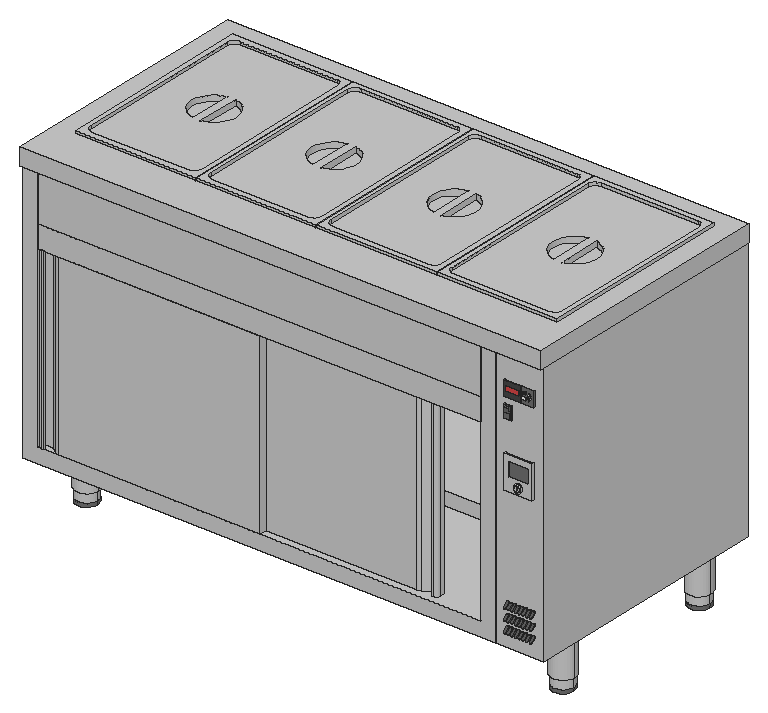
Revit family "QF_INOMAK_MDV714_250604031901", category Specialty Equipment, Revit 2021
Family settings
  Round Connector Dimension = Use Diameter
  Part Type = Normal
  OmniClass Number = 23.40.40.14
  OmniClass Title = Food Service Equipment
  Work Plane-Based = No
  Always vertical = Yes
  Cut with Voids When Loaded = No
  Shared = No
  Room Calculation Point = No
Parameters (values of type "MDV714")
  Weight [instance] = 60.00 kg
  Waste Water Discharge Temperature [instance] = 0 °C
  Waste Remarks [instance] = ""
  Warranty Start Date [instance] = ""
  Warranty Duration [instance] = ""
  Volts [instance] = 230 V
  Volt Free Conn [instance] = no
  URL Recommended Spares List [instance] = ""
  URL Manufacturer [instance] = ""
  URL Cutsheet [instance] = ""
  URL Critical Spares List [instance] = ""
  URL = "www.inomak.com"
  Technical Documentation [instance] = ""
  Tag Number [instance] = ""
  Status [instance] = ""
  Start Up Current [instance] = 0 A
  Specification by User [instance] = ""
  Specification by Manufacturer [instance] = ""
  Sound Level [instance] = ""
  Show Logo [instance] = yes
  Show Clearances [instance] = yes
  Service Life Duration [instance] = ""
  Serial Number [instance] = ""
  Seismic Rating [instance] = ""
  SMACNA No [instance] = ""
  Revision Code [instance] = ""
  Revision [instance] = ""
  Production Year [instance] = ""
  Potential Equalisation [instance] = no
  Point Load [instance] = 0
  Plumbing Remarks [instance] = ""
  Plumbing Connection Type [instance] = ""
  Phase [instance] = 1
  Other Equipment Approvals [instance] = ""
  Operational Current [instance] = 0 A
  Odor Trap Included [instance] = no
  Number of Poles [instance] = 2
  No Load Power Draw [instance] = no
  National Water Regulation Certification [instance] = no
  NAFEM Spec ID Number [instance] = ""
  Model Warning [instance] = ""
  Model = "MDV714"
  Min Ckt Ampacity [instance] = 0 A
  Max Overcurrent Protection [instance] = 10 A
  Masterspec [instance] = ""
  Manufacturer = "INOMAK"
  Main switch integrated [instance] = no
  Length Actual [instance] = 1406 mm
  Item Number [instance] = ""
  Installed By [instance] = ""
  Installation Date [instance] = ""
  Indirect Waste Size [instance] = 25.4 mm
  Indirect Waste Remarks [instance] = ""
  Indirect Waste Flow [instance] = 0.0 L/s
  Indirect Waste Connection Type [instance] = ""
  Indirect Waste Connection Height [instance] = 0 mm
  Identify Quantity as Lot [instance] = no
  ID [instance] = ""
  Hygiene Approval [instance] = ""
  Height Actual [instance] = 900 mm
  HP power [instance] = ""
  Furnished By [instance] = ""
  Foodservice Equipment Identifier [instance] = no
  FL Amps [instance] = 8.7 A
  Electrical Remarks [instance] = ""
  Electric power [instance] = 2000 W
  Electric Connection Type [instance] = ""
  Elec Conn RI Height [instance] = 0 mm
  Elec Conn Connection Height [instance] = 0 mm
  ETL Approved [instance] = no
  Direct Waste Water Discharge Temperature [instance] = -273.15 °C
  Direct Waste Size [instance] = 25.4 mm
  Direct Waste RI Height [instance] = 0 mm
  Direct Waste Flow [instance] = 0.0 L/s
  Direct Waste Connection Height [instance] = 0 mm
  Description = "BAIN MARIE ON CUPBOARD WITH 3 GN PANS CAPACITY"
  Depth Actual [instance] = 700 mm
  Default Elevation = 0 mm
  Cycle [instance] = 50 Hz
  Cost = 0
  Connection to energy optimisation system [instance] = yes
  Conn Plug [instance] = ""
  Conn Conduit [instance] = no
  Cold Water Temperature Recommended [instance] = 0 °C
  Cold Water Size [instance] = 12.7 mm
  Cold Water Remarks [instance] = ""
  Cold Water RI Height [instance] = 0 mm
  Cold Water Quality [instance] = ""
  Cold Water Minimum Pressure [instance] = 200000.0 Pa
  Cold Water Maximum Pressure [instance] = 600000.0 Pa
  Cold Water Flow [instance] = 0.0 L/s
  Cold Water Connection Type [instance] = ""
  Cold Water Connection Height [instance] = 0 mm
  Centralized building control system with digital interface [instance] = ""
  CSI MasterFormat [instance] = ""
  CE Approved [instance] = no
  Barcode [instance] = 0
  Author [instance] = ""
  Asset Identifier [instance] = ""
  Apparent Power [instance] = 2000 VA
  Accessory [instance] = no
Reference planes
  plane 1 "Center (Front/Back)": y = 0
  plane 2: z = 0
  plane 3 "Center (Left/Right)": x = 0
Forms (mm)
  Extrusion 1, solid, not visible
    sketch origin (110.005, -510.025, 146.007) x (1, 0, 0) y (0, 1, 0)
      loop
        line (-2, 2) -> (-2, -2) -> (2, -2) -> (2, 2) -> (-2, 2)
    from -2 to 2
  Extrusion 2, solid, not visible
    sketch origin (110.005, -410.02, 146.007) x (1, 0, 0) y (0, 1, 0)
      loop
        line (-2, 2) -> (-2, -2) -> (2, -2) -> (2, 2) -> (-2, 2)
    from -2 to 2
  Extrusion 3, solid, not visible
    sketch origin (1360.066, -635.031, 146.007) x (1, 0, 0) y (0, 1, 0)
      loop
        line (-2, 2) -> (-2, -2) -> (2, -2) -> (2, 2) -> (-2, 2)
    from -2 to 2
Dimensions and locks
  locked: nested 2 to Extrusion 1 at 2  (x2)
  locked: nested 3 to Extrusion 2 at 2  (x2)
  locked: nested 4 to Extrusion 3 at 2  (x2)
  aligned and locked: level to plane 2
Nested families
  nested 1: "QF_INOMAK_CUPBOARD_BAIN_MARIES_1410_2920" at (0, 0, 144), type "MDV714"
    with Weight 60.00 kg, Warranty Start Date "", Warranty Duration "", URL Cutsheet "", Technical Documentation "", Tag Number "", Status "", Specification by User "", Specification by Manufacturer "", Sound Level "", Solid Fuel Type "", Show Logo yes, Show Clearances yes, Service Life Duration "", Serial Number "", Seismic Rating "", SMACNA No "", Revision Code "", Revision "", Production Year "", Point Load 0, Other Equipment Approvals "", NAFEM Spec ID Number "", Model Warning "", Masterspec "", Length Actual 1406 mm, Item Number "", Installed By "", Installation Date "", Identify Quantity as Lot yes, ID "", Hygiene Approval "", Height Actual 900 mm, Furnished By "", Foodservice Equipment Identifier yes, ETL Approved yes, Depth Actual 700 mm, CSI MasterFormat "", CE Approved yes, Barcode "", Author "", Asset Identifier "", Accessory no
  nested 2: "CONN_POINT_COLDWATER_2D___Generic_Annotation" at (110.005, -510.025, 144.007), type "CONN_POINT_COLDWATER_2D___Generic_Annotation"
    with Onboard connection annotation symbol visibility yes
  nested 3: "CONN_POINT_DRAIN_2D___Generic_Annotation" at (110.005, -410.02, 144.007), type "CONN_POINT_DRAIN_2D___Generic_Annotation"
    with Onboard connection annotation symbol visibility yes
  nested 4: "CONN_POINT_ELE_2D___Generic_Annotation" at (1360.066, -635.031, 144.007), type "CONN_POINT_ELE_2D___Generic_Annotation"
    with Onboard connection annotation symbol visibility yes
  nested 5: "QF_INOMAK_LEGS_5042" at (0, 0, 0), type "LG-1410-700"
    with Weight 0.00 kg, Warranty Start Date "", Warranty Duration "", URL Cutsheet "", Technical Documentation "", Tag Number "", Status "", Specification by User "", Specification by Manufacturer "", Sound Level "", Solid Fuel Type "", Show Logo yes, Show Clearances yes, Service Life Duration "", Serial Number "", Seismic Rating "", SMACNA No "", Revision Code "", Revision "", Production Year "", Point Load 0, Other Equipment Approvals "", NAFEM Spec ID Number "", Model Warning "", Masterspec "", Length Actual 1406 mm, Item Number "", Installed By "", Installation Date "", Identify Quantity as Lot yes, ID "", Hygiene Approval "", Height Actual 144 mm, Furnished By "", Foodservice Equipment Identifier yes, ETL Approved yes, Depth Actual 700 mm, CSI MasterFormat "", CE Approved yes, Barcode "", Author "", Asset Identifier "", Accessory yes
Connectors
  piping at (110.005, -510.025, 144.007), diameter 12.7, driven by "Cold Water Size", driven by "Cold Water Flow"
    settings: on Extrusion 1, index 1, connector inside diameter 609.6 mm, connector length 0 mm, flow factor 0, pipe flow 0.0 L/s, pressure drop 0.0 Pa, fitting loss kfactor 0, connector angle 0.00°, fixture units 0, engagement length 0 mm, angle of deflection 0.00°, flow configuration 1, flow direction 1, fitting loss method 0, system type 20, joint type 0, gender type 0, connector reference index -1, connector utility 0, adjustable connector no, is connector primary yes, connector description "Cold Water connection for MDV714"
  piping at (110.005, -410.02, 144.007), diameter 25.4, driven by "Indirect Waste Size", driven by "Direct Waste Flow"
    settings: on Extrusion 2, index 2, connector inside diameter 609.6 mm, connector length 0 mm, flow factor 0, pipe flow 0.0 L/s, pressure drop 0.0 Pa, fitting loss kfactor 0, connector angle 0.00°, fixture units 0, engagement length 0 mm, angle of deflection 0.00°, flow configuration 1, flow direction 2, fitting loss method 0, system type 16, joint type 0, gender type 0, connector reference index -1, connector utility 0, adjustable connector no, is connector primary no, connector description "Waste connection for MDV714"
  electrical at (1360.066, -635.031, 144.007), driven by "Apparent Power", driven by "Number of Poles", driven by "Volts"
    settings: on Extrusion 3, index 3, voltage 230 V, apparent load 0 VA, apparent load phase1 2000 VA, apparent load phase2 0 VA, apparent load phase3 0 VA, power factor 1, load classification "Other", number of poles 2, system type 31, power factor state 1, is connector primary yes, connector utility no, sub classification motor no, connector description "Electrical connection for MDV714"
Definition of nested family "QF_INOMAK_CUPBOARD_BAIN_MARIES_1410_2920"
  Parameters (values of type "MFV714")
    Weight [instance] = 0.00 kg
    Warranty Start Date [instance] = ""
    Warranty Duration [instance] = ""
    URL Cutsheet [instance] = ""
    URL = "www.inomak.com"
    Technical Documentation [instance] = ""
    Tag Number [instance] = ""
    Status [instance] = ""
    Specification by User [instance] = ""
    Specification by Manufacturer [instance] = ""
    Sound Level [instance] = ""
    Solid Fuel Type [instance] = ""
    Show Logo [instance] = yes
    Show Clearances [instance] = yes
    Service Life Duration [instance] = ""
    Serial Number [instance] = ""
    Seismic Rating [instance] = ""
    SMACNA No [instance] = ""
    Revision Code [instance] = ""
    Revision [instance] = ""
    Production Year [instance] = ""
    Point Load [instance] = 0
    Other Equipment Approvals [instance] = ""
    NAFEM Spec ID Number [instance] = ""
    Model Warning [instance] = ""
    Model = "MFV714"
    Masterspec [instance] = ""
    Manufacturer = "INOMAK"
    Length Actual [instance] = 0 mm
    Item Number [instance] = ""
    Installed By [instance] = ""
    Installation Date [instance] = ""
    Identify Quantity as Lot [instance] = yes
    ID [instance] = ""
    Hygiene Approval [instance] = ""
    Height Actual [instance] = 0 mm
    Furnished By [instance] = ""
    Foodservice Equipment Identifier [instance] = yes
    ETL Approved [instance] = yes
    Description = "BAIN MARIE ON CUPBOARD WITH 3 GN PANS CAPACITY AND SHOWCASE"
    Depth Actual [instance] = 0 mm
    Default Elevation = 0 mm
    CSI MasterFormat [instance] = ""
    CE Approved [instance] = yes
    Barcode [instance] = ""
    Author [instance] = ""
    Asset Identifier [instance] = ""
    Assembly Code = "E1090320"
    Accessory [instance] = yes
  Types (10, lengths in mm): name | Model | Description
    MFV714 | "MFV714" | "BAIN MARIE ON CUPBOARD WITH 3 GN PANS CAPACITY AND SHOWCASE"
    MDV714 | "MDV714" | "BAIN MARIE ON CUPBOARD WITH 3 GN PANS CAPACITY"
    MVV714 | "MVV714" | "BAIN MARIE ON CUPBOARD WITH 3 GN PANS CAPACITY AND SINGLE SNEEZE GUARD"
    MRV714 | "MRV714" | "BAIN MARIE ON CUPBOARD WITH 3 GN PANS CAPACITY AND DOUBLE SNEEZE GUARD"
    MFSQ714 | "MFSQ714" | "BAIN MARIE ON CUPBOARD WITH 3 GN PANS CAPACITY AND SQUARE SHOWCASE"
    MIV714 | "MIV714" | "BAIN MARIE ON HEATED CUPBOARD WITH 3 GN PANS CAPACITY AND SHOWCASE"
    MHV714 | "MHV714" | "BAIN MARIE ON HEATED CUPBOARD WITH 3 GN PANS CAPACITY"
    MJV714 | "MJV714" | "BAIN MARIE ON HEATED CUPBOARD WITH 3 GN PANS CAPACITY AND SINGLE SNEEZE GUARD"
    MQV714 | "MQV714" | "BAIN MARIE ON HEATED CUPBOARD WITH 3 GN PANS CAPACITY AND DOUBLE SNEEZE GUARD"
    MISQ714 | "MISQ714" | "BAIN MARIE ON HEATED CUPBOARD WITH 3 GN PANS CAPACITY AND SQUARE SHOWCASE"
  Reference planes
    plane 1 "Back": y = 0
    plane 2: z = 0
    plane 3 "Left": x = 0
    plane 4 "Right": x = 1406
    plane 5 "Front": y = -700
    plane 6 "Top": z = 756
  Forms (mm)
    Extrusion 1, solid
      sketch origin (784.283, -707, -123.631) x (-1, 0, 0) y (0, 0, 1)
        loop
          arc (-522.253, 235.165) -> (-526.351, 236.263) -> (-527.449, 232.165) r 3
          line (-527.449, 232.165) -> (-518.449, 216.577)
          arc (-518.449, 216.577) -> (-514.351, 215.479) -> (-513.253, 219.577) r 3
          line (-513.253, 219.577) -> (-522.253, 235.165)
        loop
          arc (-532.253, 235.165) -> (-536.351, 236.263) -> (-537.449, 232.165) r 3
          line (-537.449, 232.165) -> (-528.449, 216.577)
          arc (-528.449, 216.577) -> (-524.351, 215.479) -> (-523.253, 219.577) r 3
          line (-523.253, 219.577) -> (-532.253, 235.165)
        loop
          arc (-542.253, 235.165) -> (-546.351, 236.263) -> (-547.449, 232.165) r 3
          line (-547.449, 232.165) -> (-538.449, 216.577)
          arc (-538.449, 216.577) -> (-534.351, 215.479) -> (-533.253, 219.577) r 3
          line (-533.253, 219.577) -> (-542.253, 235.165)
        loop
          arc (-552.253, 235.165) -> (-556.351, 236.263) -> (-557.449, 232.165) r 3
          line (-557.449, 232.165) -> (-548.449, 216.577)
          arc (-548.449, 216.577) -> (-544.351, 215.479) -> (-543.253, 219.577) r 3
          line (-543.253, 219.577) -> (-552.253, 235.165)
        loop
          arc (-562.253, 235.165) -> (-566.351, 236.263) -> (-567.449, 232.165) r 3
          line (-567.449, 232.165) -> (-558.449, 216.577)
          arc (-558.449, 216.577) -> (-554.351, 215.479) -> (-553.253, 219.577) r 3
          line (-553.253, 219.577) -> (-562.253, 235.165)
        loop
          arc (-572.253, 235.165) -> (-576.351, 236.263) -> (-577.449, 232.165) r 3
          line (-577.449, 232.165) -> (-568.449, 216.577)
          arc (-568.449, 216.577) -> (-564.351, 215.479) -> (-563.253, 219.577) r 3
          line (-563.253, 219.577) -> (-572.253, 235.165)
        loop
          arc (-582.253, 235.165) -> (-586.351, 236.263) -> (-587.449, 232.165) r 3
          line (-587.449, 232.165) -> (-578.449, 216.577)
          arc (-578.449, 216.577) -> (-574.351, 215.479) -> (-573.253, 219.577) r 3
          line (-573.253, 219.577) -> (-582.253, 235.165)
        loop
          arc (-592.253, 235.165) -> (-596.351, 236.263) -> (-597.449, 232.165) r 3
          line (-597.449, 232.165) -> (-588.449, 216.577)
          arc (-588.449, 216.577) -> (-584.351, 215.479) -> (-583.253, 219.577) r 3
          line (-583.253, 219.577) -> (-592.253, 235.165)
        loop
          arc (-522.253, 205.165) -> (-526.351, 206.263) -> (-527.449, 202.165) r 3
          line (-527.449, 202.165) -> (-518.449, 186.577)
          arc (-518.449, 186.577) -> (-514.351, 185.479) -> (-513.253, 189.577) r 3
          line (-513.253, 189.577) -> (-522.253, 205.165)
        loop
          arc (-532.253, 205.165) -> (-536.351, 206.263) -> (-537.449, 202.165) r 3
          line (-537.449, 202.165) -> (-528.449, 186.577)
          arc (-528.449, 186.577) -> (-524.351, 185.479) -> (-523.253, 189.577) r 3
          line (-523.253, 189.577) -> (-532.253, 205.165)
        loop
          arc (-542.253, 205.165) -> (-546.351, 206.263) -> (-547.449, 202.165) r 3
          line (-547.449, 202.165) -> (-538.449, 186.577)
          arc (-538.449, 186.577) -> (-534.351, 185.479) -> (-533.253, 189.577) r 3
          line (-533.253, 189.577) -> (-542.253, 205.165)
        loop
          arc (-552.253, 205.165) -> (-556.351, 206.263) -> (-557.449, 202.165) r 3
          line (-557.449, 202.165) -> (-548.449, 186.577)
          arc (-548.449, 186.577) -> (-544.351, 185.479) -> (-543.253, 189.577) r 3
          line (-543.253, 189.577) -> (-552.253, 205.165)
        loop
          arc (-562.253, 205.165) -> (-566.351, 206.263) -> (-567.449, 202.165) r 3
          line (-567.449, 202.165) -> (-558.449, 186.577)
          arc (-558.449, 186.577) -> (-554.351, 185.479) -> (-553.253, 189.577) r 3
          line (-553.253, 189.577) -> (-562.253, 205.165)
        loop
          arc (-572.253, 205.165) -> (-576.351, 206.263) -> (-577.449, 202.165) r 3
          line (-577.449, 202.165) -> (-568.449, 186.577)
          arc (-568.449, 186.577) -> (-564.351, 185.479) -> (-563.253, 189.577) r 3
          line (-563.253, 189.577) -> (-572.253, 205.165)
        loop
          arc (-582.253, 205.165) -> (-586.351, 206.263) -> (-587.449, 202.165) r 3
          line (-587.449, 202.165) -> (-578.449, 186.577)
          arc (-578.449, 186.577) -> (-574.351, 185.479) -> (-573.253, 189.577) r 3
          line (-573.253, 189.577) -> (-582.253, 205.165)
        loop
          arc (-592.253, 205.165) -> (-596.351, 206.263) -> (-597.449, 202.165) r 3
          line (-597.449, 202.165) -> (-588.449, 186.577)
          arc (-588.449, 186.577) -> (-584.351, 185.479) -> (-583.253, 189.577) r 3
          line (-583.253, 189.577) -> (-592.253, 205.165)
        loop
          arc (-522.253, 175.165) -> (-526.351, 176.263) -> (-527.449, 172.165) r 3
          line (-527.449, 172.165) -> (-518.449, 156.577)
          arc (-518.449, 156.577) -> (-514.351, 155.479) -> (-513.253, 159.577) r 3
          line (-513.253, 159.577) -> (-522.253, 175.165)
        loop
          arc (-532.253, 175.165) -> (-536.351, 176.263) -> (-537.449, 172.165) r 3
          line (-537.449, 172.165) -> (-528.449, 156.577)
          arc (-528.449, 156.577) -> (-524.351, 155.479) -> (-523.253, 159.577) r 3
          line (-523.253, 159.577) -> (-532.253, 175.165)
        loop
          arc (-542.253, 175.165) -> (-546.351, 176.263) -> (-547.449, 172.165) r 3
          line (-547.449, 172.165) -> (-538.449, 156.577)
          arc (-538.449, 156.577) -> (-534.351, 155.479) -> (-533.253, 159.577) r 3
          line (-533.253, 159.577) -> (-542.253, 175.165)
        loop
          arc (-552.253, 175.165) -> (-556.351, 176.263) -> (-557.449, 172.165) r 3
          line (-557.449, 172.165) -> (-548.449, 156.577)
          arc (-548.449, 156.577) -> (-544.351, 155.479) -> (-543.253, 159.577) r 3
          line (-543.253, 159.577) -> (-552.253, 175.165)
        loop
          arc (-562.253, 175.165) -> (-566.351, 176.263) -> (-567.449, 172.165) r 3
          line (-567.449, 172.165) -> (-558.449, 156.577)
          arc (-558.449, 156.577) -> (-554.351, 155.479) -> (-553.253, 159.577) r 3
          line (-553.253, 159.577) -> (-562.253, 175.165)
        loop
          arc (-572.253, 175.165) -> (-576.351, 176.263) -> (-577.449, 172.165) r 3
          line (-577.449, 172.165) -> (-568.449, 156.577)
          arc (-568.449, 156.577) -> (-564.351, 155.479) -> (-563.253, 159.577) r 3
          line (-563.253, 159.577) -> (-572.253, 175.165)
        loop
          arc (-582.253, 175.165) -> (-586.351, 176.263) -> (-587.449, 172.165) r 3
          line (-587.449, 172.165) -> (-578.449, 156.577)
          arc (-578.449, 156.577) -> (-574.351, 155.479) -> (-573.253, 159.577) r 3
          line (-573.253, 159.577) -> (-582.253, 175.165)
        loop
          arc (-592.253, 175.165) -> (-596.351, 176.263) -> (-597.449, 172.165) r 3
          line (-597.449, 172.165) -> (-588.449, 156.577)
          arc (-588.449, 156.577) -> (-584.351, 155.479) -> (-583.253, 159.577) r 3
          line (-583.253, 159.577) -> (-592.253, 175.165)
      from 16.5 to 18.5
    Extrusion 2, solid
      sketch origin (1092.266, -692, 538.514) x (-1, 0, 0) y (0, 0, 1)
        loop
          line (-208.234, 108.408) -> (-253.234, 108.408) -> (-253.234, 68.408) -> (-208.234, 68.408) -> (-208.234, 108.408)
      from 0 to 2
    Extrusion 3, solid
      sketch origin (370.5, -693, 539.422) x (-1, 0, 0) y (0, 0, 1)
        loop
          line (-950, 15) -> (-930, 15) -> (-930, 50) -> (-950, 50) -> (-950, 15)
      from 0 to 3
    Extrusion 4, solid
      sketch origin (398.5, -568, 539.422) x (0, 1, 0) y (0, 0, 1)
        loop
          line (-125, 18) -> (-125, 47)
          arc (-125, 47) -> (-127.961, 46.812) -> (-130.754, 45.81) r 10.576
          line (-130.754, 45.81) -> (-128, 32.5) -> (-128, 18) -> (-125, 18)
      from 905 to 919
    Extrusion 5, solid
      sketch origin (1137.266, -692, 538.514) x (-1, 0, 0) y (0, 0, 1)
        loop
          line (-208.234, 108.408) -> (-243.234, 108.408) -> (-243.234, 68.408) -> (-208.234, 68.408) -> (-208.234, 108.408)
      from 0 to 2
    Extrusion 6, solid
      sketch origin (1092.266, -692.5, 538.514) x (-1, 0, 0) y (0, 0, 1)
        loop
          line (-213.234, 94.908) -> (-248.234, 94.908) -> (-248.234, 81.908) -> (-213.234, 81.908) -> (-213.234, 94.908)
      from 0 to 2.5
    Extrusion 7, solid
      sketch origin (1092.266, -692.5, 538.514) x (-1, 0, 0) y (0, 0, 1)
        loop
          line (-271.558, 91.171) -> (-275.802, 98.522) -> (-280.047, 91.171) -> (-271.558, 91.171)
        loop
          line (-271.558, 85.645) -> (-280.047, 85.645) -> (-275.802, 78.294) -> (-271.558, 85.645)
        loop
          line (-257.397, 85.645) -> (-267.397, 85.645) -> (-267.397, 78.294) -> (-257.397, 78.294) -> (-257.397, 85.645)
        loop
          line (-265.397, 98.522) -> (-267.397, 98.522) -> (-267.397, 92.322) -> (-259.549, 92.322) -> (-259.549, 91.171) -> (-257.397, 93.322) -> (-259.549, 95.474) -> (-259.549, 94.322) -> (-265.397, 94.322) -> (-265.397, 98.522)
      from 0 to 2.5
    Extrusion 8, solid
      sketch origin (-2, 0, 492) x (1, 0, 0) y (0, 1, 0)
        loop
          line (55, -50) -> (55, -580) -> (380, -580) -> (380, -50) -> (55, -50)
        loop
          arc (87.5, -65) -> (73.358, -70.858) -> (67.5, -85) r 20
          line (67.5, -85) -> (67.5, -545.415)
          arc (67.5, -545.415) -> (73.358, -559.557) -> (87.5, -565.415) r 20
          line (87.5, -565.415) -> (347.5, -565.415)
          arc (347.5, -565.415) -> (361.642, -559.557) -> (367.5, -545.415) r 20
          line (367.5, -545.415) -> (367.5, -85)
          arc (367.5, -85) -> (361.642, -70.858) -> (347.5, -65) r 20
          line (347.5, -65) -> (87.5, -65)
      from 218 to 270
    Extrusion 9, solid
      sketch origin (-2, 0, 485) x (1, 0, 0) y (0, 1, 0)
        loop
          arc (67.5, -545.415) -> (73.358, -559.557) -> (87.5, -565.415) r 20
          line (87.5, -565.415) -> (347.5, -565.415)
          arc (347.5, -565.415) -> (361.642, -559.557) -> (367.5, -545.415) r 20
          line (367.5, -545.415) -> (367.5, -85)
          arc (367.5, -85) -> (361.642, -70.858) -> (347.5, -65) r 20
          line (347.5, -65) -> (87.5, -65)
          arc (87.5, -65) -> (73.358, -70.858) -> (67.5, -85) r 20
          line (67.5, -85) -> (67.5, -545.415)
      from 225 to 270
    Extrusion 10, void
      sketch origin (-2, 0, 500) x (1, 0, 0) y (0, 1, 0)
        loop
          arc (207.5, -256.046) -> (157.5, -315.207) -> (207.5, -374.368) r 60
          line (207.5, -374.368) -> (207.5, -256.046)
        loop
          line (227.5, -256.046) -> (227.5, -374.368)
          arc (227.5, -374.368) -> (277.5, -315.207) -> (227.5, -256.046) r 60
      from 240 to 270
    Extrusion 11, solid
      sketch origin (323, 0, 492) x (1, 0, 0) y (0, 1, 0)
        loop
          line (55, -50) -> (55, -580) -> (380, -580) -> (380, -50) -> (55, -50)
        loop
          arc (87.5, -65) -> (73.358, -70.858) -> (67.5, -85) r 20
          line (67.5, -85) -> (67.5, -545.415)
          arc (67.5, -545.415) -> (73.358, -559.557) -> (87.5, -565.415) r 20
          line (87.5, -565.415) -> (347.5, -565.415)
          arc (347.5, -565.415) -> (361.642, -559.557) -> (367.5, -545.415) r 20
          line (367.5, -545.415) -> (367.5, -85)
          arc (367.5, -85) -> (361.642, -70.858) -> (347.5, -65) r 20
          line (347.5, -65) -> (87.5, -65)
      from 218 to 270
    Extrusion 12, solid
      sketch origin (323, 0, 485) x (1, 0, 0) y (0, 1, 0)
        loop
          arc (67.5, -545.415) -> (73.358, -559.557) -> (87.5, -565.415) r 20
          line (87.5, -565.415) -> (347.5, -565.415)
          arc (347.5, -565.415) -> (361.642, -559.557) -> (367.5, -545.415) r 20
          line (367.5, -545.415) -> (367.5, -85)
          arc (367.5, -85) -> (361.642, -70.858) -> (347.5, -65) r 20
          line (347.5, -65) -> (87.5, -65)
          arc (87.5, -65) -> (73.358, -70.858) -> (67.5, -85) r 20
          line (67.5, -85) -> (67.5, -545.415)
      from 225 to 270
    Extrusion 13, void
      sketch origin (323, 0, 500) x (1, 0, 0) y (0, 1, 0)
        loop
          arc (207.5, -256.046) -> (157.5, -315.207) -> (207.5, -374.368) r 60
          line (207.5, -374.368) -> (207.5, -256.046)
        loop
          line (227.5, -256.046) -> (227.5, -374.368)
          arc (227.5, -374.368) -> (277.5, -315.207) -> (227.5, -256.046) r 60
      from 240 to 270
    Extrusion 14, solid
      sketch origin (973, 0, 492) x (1, 0, 0) y (0, 1, 0)
        loop
          line (55, -50) -> (55, -580) -> (380, -580) -> (380, -50) -> (55, -50)
        loop
          arc (87.5, -65) -> (73.358, -70.858) -> (67.5, -85) r 20
          line (67.5, -85) -> (67.5, -545.415)
          arc (67.5, -545.415) -> (73.358, -559.557) -> (87.5, -565.415) r 20
          line (87.5, -565.415) -> (347.5, -565.415)
          arc (347.5, -565.415) -> (361.642, -559.557) -> (367.5, -545.415) r 20
          line (367.5, -545.415) -> (367.5, -85)
          arc (367.5, -85) -> (361.642, -70.858) -> (347.5, -65) r 20
          line (347.5, -65) -> (87.5, -65)
      from 218 to 270
    Extrusion 15, solid
      sketch origin (973, 0, 485) x (1, 0, 0) y (0, 1, 0)
        loop
          arc (67.5, -545.415) -> (73.358, -559.557) -> (87.5, -565.415) r 20
          line (87.5, -565.415) -> (347.5, -565.415)
          arc (347.5, -565.415) -> (361.642, -559.557) -> (367.5, -545.415) r 20
          line (367.5, -545.415) -> (367.5, -85)
          arc (367.5, -85) -> (361.642, -70.858) -> (347.5, -65) r 20
          line (347.5, -65) -> (87.5, -65)
          arc (87.5, -65) -> (73.358, -70.858) -> (67.5, -85) r 20
          line (67.5, -85) -> (67.5, -545.415)
      from 225 to 270
    Extrusion 16, void
      sketch origin (973, 0, 500) x (1, 0, 0) y (0, 1, 0)
        loop
          arc (207.5, -256.046) -> (157.5, -315.207) -> (207.5, -374.368) r 60
          line (207.5, -374.368) -> (207.5, -256.046)
        loop
          line (227.5, -256.046) -> (227.5, -374.368)
          arc (227.5, -374.368) -> (277.5, -315.207) -> (227.5, -256.046) r 60
      from 240 to 270
    Extrusion 17, solid
      sketch origin (0, 0, 710) x (1, 0, 0) y (0, 1, 0)
        loop
          line (0, 0) -> (0, -700) -> (1406, -700) -> (1406, 0) -> (0, 0)
        loop
          line (53, -50) -> (53, -580) -> (1353, -580) -> (1353, -50) -> (53, -50)
      from 0 to 46
    Extrusion 18, solid
      sketch origin (0, 0, 0) x (1, 0, 0) y (0, 1, 0)
        loop
          line (0, -690) -> (40, -690) -> (40, -40) -> (1235, -40) -> (1235, -690) -> (1275, -690) -> (1275, 0) -> (0, 0) -> (0, -690)
      from 0 to 710
    Extrusion 19, solid
      sketch origin (303, 0, 0) x (1, 0, 0) y (0, 1, 0)
        loop
          line (972, 0) -> (972, -690) -> (1103, -690) -> (1103, 0) -> (972, 0)
      from 0 to 710
    Extrusion 20, solid
      sketch origin (-130, -690, 0) x (-1, 0, 0) y (0, 1, 0)
        loop
          line (-170, 10) -> (-170, 20) -> (-770, 20) -> (-770, 0) -> (-226.156, 0)
          arc (-226.156, 0) -> (-220.272, 0.885) -> (-214.91, 3.461) r 20
          line (-214.91, 3.461) -> (-195, 17) -> (-173, 17) -> (-173, 10)
          arc (-173, 10) -> (-175.05, 5.05) -> (-180, 3) r 7
          line (-180, 3) -> (-185.012, 3) -> (-185.012, 0) -> (-180, 0)
          arc (-180, 0) -> (-172.929, 2.929) -> (-170, 10) r 10
      from -40 to -520
    Extrusion 21, solid
      sketch origin (173, -690, 0) x (-1, 0, 0) y (0, 1, 0)
        loop
          arc (-930, 30) -> (-927.071, 22.929) -> (-920, 20) r 10
          line (-920, 20) -> (-914.988, 20) -> (-914.988, 23) -> (-920, 23)
          arc (-920, 23) -> (-924.95, 25.05) -> (-927, 30) r 7
          line (-927, 30) -> (-927, 37) -> (-905, 37) -> (-885.09, 23.461)
          arc (-885.09, 23.461) -> (-879.728, 20.885) -> (-873.844, 20) r 20
          line (-873.844, 20) -> (-325, 20) -> (-325, 40) -> (-930, 40) -> (-930, 30)
      from -40 to -520
    Extrusion 22, solid
      sketch origin (0, 0, 0) x (1, 0, 0) y (0, 1, 0)
        loop
          line (40, -40) -> (40, -690) -> (1235, -690) -> (1235, -40) -> (40, -40)
      from 0 to 40
    Extrusion 23, solid
      sketch origin (0, 0, 672.314) x (1, 0, 0) y (0, 1, 0)
        loop
          line (40, -40) -> (40, -690) -> (1235, -690) -> (1235, -40) -> (40, -40)
      from -92.314 to 37.686
    Extrusion 24, solid
      sketch origin (0, 0, 610.314) x (1, 0, 0) y (0, 1, 0)
        loop
          line (40, -40) -> (40, -690) -> (1235, -690) -> (1235, -40) -> (40, -40)
      from -90.314 to -30.314
    Extrusion 25, solid
      sketch origin (-2, 0, 252.5) x (1, 0, 0) y (0, 1, 0)
        loop
          line (42, -40) -> (42, -645) -> (1237, -645) -> (1237, -40) -> (42, -40)
      from 0 to 35
    Extrusion 26, solid
      sketch origin (310.002, -695, 50) x (-1, 0, 0) y (0, 0, 1)
        loop
          line (-992.998, 421.076) -> (-1067.998, 421.076) -> (-1067.998, 331.076) -> (-992.998, 331.076) -> (-992.998, 421.076)
        loop
          line (-1003.957, 406.276) -> (-1058.957, 406.276) -> (-1058.957, 366.276) -> (-1003.957, 366.276) -> (-1003.957, 406.276)
      from 0 to 5
    Extrusion 27, solid
      sketch origin (310.002, -692, 50) x (-1, 0, 0) y (0, 0, 1)
        loop
          line (-1003.957, 406.276) -> (-1058.957, 406.276) -> (-1058.957, 366.276) -> (-1003.957, 366.276) -> (-1003.957, 406.276)
      from 0 to 2
    Revolve 28, solid
      sketch origin (1340.5, 59.612, -3292.415) x (0, 1, 0) y (0, 0, 1)
        loop
          line (-757.012, 3691.152) -> (-754.612, 3691.152) -> (-754.612, 3701.789) -> (-757.662, 3701.789) -> (-759.012, 3699.998) -> (-757.012, 3699.998) -> (-757.012, 3691.152)
        axis (-754.612, 3691.152) -> (-759.012, 3691.152)
      angle from 0 to 360
    Extrusion 29, solid
      sketch origin (-751.127, -695, 2689.585) x (-1, 0, 0) y (0, 0, 1)
        loop
          line (-2090.827, -2287.348) -> (-2092.827, -2287.348) -> (-2092.827, -2294.348) -> (-2090.827, -2294.348) -> (-2090.827, -2287.348)
        loop
          circle (-2091.627, -2290.848) r 7.846
      from -4.4 to -2.4
    Extrusion 30, solid
      sketch origin (648, 0, 492) x (1, 0, 0) y (0, 1, 0)
        loop
          line (55, -50) -> (55, -580) -> (380, -580) -> (380, -50) -> (55, -50)
        loop
          arc (87.5, -65) -> (73.358, -70.858) -> (67.5, -85) r 20
          line (67.5, -85) -> (67.5, -545.415)
          arc (67.5, -545.415) -> (73.358, -559.557) -> (87.5, -565.415) r 20
          line (87.5, -565.415) -> (347.5, -565.415)
          arc (347.5, -565.415) -> (361.642, -559.557) -> (367.5, -545.415) r 20
          line (367.5, -545.415) -> (367.5, -85)
          arc (367.5, -85) -> (361.642, -70.858) -> (347.5, -65) r 20
          line (347.5, -65) -> (87.5, -65)
      from 218 to 270
    Extrusion 31, solid
      sketch origin (648, 0, 485) x (1, 0, 0) y (0, 1, 0)
        loop
          arc (67.5, -545.415) -> (73.358, -559.557) -> (87.5, -565.415) r 20
          line (87.5, -565.415) -> (347.5, -565.415)
          arc (347.5, -565.415) -> (361.642, -559.557) -> (367.5, -545.415) r 20
          line (367.5, -545.415) -> (367.5, -85)
          arc (367.5, -85) -> (361.642, -70.858) -> (347.5, -65) r 20
          line (347.5, -65) -> (87.5, -65)
          arc (87.5, -65) -> (73.358, -70.858) -> (67.5, -85) r 20
          line (67.5, -85) -> (67.5, -545.415)
      from 225 to 270
    Extrusion 32, void
      sketch origin (648, 0, 500) x (1, 0, 0) y (0, 1, 0)
        loop
          arc (207.5, -256.046) -> (157.5, -315.207) -> (207.5, -374.368) r 60
          line (207.5, -374.368) -> (207.5, -256.046)
        loop
          line (227.5, -256.046) -> (227.5, -374.368)
          arc (227.5, -374.368) -> (277.5, -315.207) -> (227.5, -256.046) r 60
      from 240 to 270
  Cuts and joins
    Extrusion 10, Extrusion 13 cuts Extrusion 9
    Extrusion 13, Extrusion 16, Extrusion 32 cuts Extrusion 12
    Extrusion 16 cuts Extrusion 15
    joined: Extrusion 18, Extrusion 22
    Extrusion 32 cuts Extrusion 31
  Lines and regions (mm)
    symbolic lines
      curve 1: line (0, 0, 0) -> (1406, 0, 0)
      curve 2: line (0, -700, 0) -> (0, 0, 0)
      curve 3: line (1406, -700, 0) -> (0, -700, 0)
      curve 4: line (1406, 0, 0) -> (1406, -700, 0)
      curve 5: line (53, -50, 0) -> (1353, -50, 0)
      curve 6: line (53, -580, 0) -> (53, -50, 0)
      curve 7: line (1353, -580, 0) -> (53, -580, 0)
      curve 8: line (703, -50, 0) -> (703, -580, 0)
      curve 9: line (378, -50, 0) -> (378, -580, 0)
      curve 10: line (1353, -50, 0) -> (1353, -580, 0)
      curve 11: line (1028, -50, 0) -> (1028, -580, 0)
      curve 12: line (85.5, -65, 0) -> (345.5, -65, 0)
      curve 13: arc (345.5, -65, 0) -> (359.642, -70.858, 0) -> (365.5, -85, 0) r 20
      curve 14: line (365.5, -85, 0) -> (365.5, -545.415, 0)
      curve 15: arc (365.5, -545.415, 0) -> (359.642, -559.557, 0) -> (345.5, -565.415, 0) r 20
      curve 16: line (345.5, -565.415, 0) -> (85.5, -565.415, 0)
      curve 17: arc (85.5, -565.415, 0) -> (71.358, -559.557, 0) -> (65.5, -545.415, 0) r 20
      curve 18: line (65.5, -545.415, 0) -> (65.5, -85, 0)
      curve 19: arc (65.5, -85, 0) -> (71.358, -70.858, 0) -> (85.5, -65, 0) r 20
      curve 20: arc (205.5, -256.046, 0) -> (155.5, -315.207, 0) -> (205.5, -374.368, 0) r 60
      curve 21: line (205.5, -374.368, 0) -> (205.5, -256.046, 0)
      curve 22: line (225.5, -256.046, 0) -> (225.5, -374.368, 0)
      curve 23: arc (225.5, -374.368, 0) -> (275.5, -315.207, 0) -> (225.5, -256.046, 0) r 60
      curve 24: arc (390.5, -85, 0) -> (396.358, -70.858, 0) -> (410.5, -65, 0) r 20
      curve 25: line (410.5, -65, 0) -> (670.5, -65, 0)
      curve 26: arc (670.5, -65, 0) -> (684.642, -70.858, 0) -> (690.5, -85, 0) r 20
      curve 27: line (690.5, -85, 0) -> (690.5, -545.415, 0)
      curve 28: arc (690.5, -545.415, 0) -> (684.642, -559.557, 0) -> (670.5, -565.415, 0) r 20
      curve 29: line (670.5, -565.415, 0) -> (410.5, -565.415, 0)
      curve 30: arc (410.5, -565.415, 0) -> (396.358, -559.557, 0) -> (390.5, -545.415, 0) r 20
      curve 31: line (390.5, -545.415, 0) -> (390.5, -85, 0)
      curve 32: arc (530.5, -256.046, 0) -> (480.5, -315.207, 0) -> (530.5, -374.368, 0) r 60
      curve 33: line (530.5, -374.368, 0) -> (530.5, -256.046, 0)
      curve 34: line (550.5, -256.046, 0) -> (550.5, -374.368, 0)
      curve 35: arc (550.5, -374.368, 0) -> (600.5, -315.207, 0) -> (550.5, -256.046, 0) r 60
      curve 36: line (715.5, -545.415, 0) -> (715.5, -85, 0)
      curve 37: arc (715.5, -85, 0) -> (721.358, -70.858, 0) -> (735.5, -65, 0) r 20
      curve 38: line (735.5, -65, 0) -> (995.5, -65, 0)
      curve 39: arc (995.5, -65, 0) -> (1009.642, -70.858, 0) -> (1015.5, -85, 0) r 20
      curve 40: line (1015.5, -85, 0) -> (1015.5, -545.415, 0)
      curve 41: arc (1015.5, -545.415, 0) -> (1009.642, -559.557, 0) -> (995.5, -565.415, 0) r 20
      curve 42: line (995.5, -565.415, 0) -> (735.5, -565.415, 0)
      curve 43: arc (735.5, -565.415, 0) -> (721.358, -559.557, 0) -> (715.5, -545.415, 0) r 20
      curve 44: arc (855.5, -256.046, 0) -> (805.5, -315.207, 0) -> (855.5, -374.368, 0) r 60
      curve 45: line (855.5, -374.368, 0) -> (855.5, -256.046, 0)
      curve 46: line (875.5, -256.046, 0) -> (875.5, -374.368, 0)
      curve 47: arc (875.5, -374.368, 0) -> (925.5, -315.207, 0) -> (875.5, -256.046, 0) r 60
      curve 48: line (1060.5, -65, 0) -> (1320.5, -65, 0)
      curve 49: arc (1320.5, -65, 0) -> (1334.642, -70.858, 0) -> (1340.5, -85, 0) r 20
      curve 50: line (1340.5, -85, 0) -> (1340.5, -545.415, 0)
      curve 51: arc (1340.5, -545.415, 0) -> (1334.642, -559.557, 0) -> (1320.5, -565.415, 0) r 20
      curve 52: line (1320.5, -565.415, 0) -> (1060.5, -565.415, 0)
      curve 53: arc (1060.5, -565.415, 0) -> (1046.358, -559.557, 0) -> (1040.5, -545.415, 0) r 20
      curve 54: line (1040.5, -545.415, 0) -> (1040.5, -85, 0)
      curve 55: arc (1040.5, -85, 0) -> (1046.358, -70.858, 0) -> (1060.5, -65, 0) r 20
      curve 56: arc (1180.5, -256.046, 0) -> (1130.5, -315.207, 0) -> (1180.5, -374.368, 0) r 60
      curve 57: line (1180.5, -374.368, 0) -> (1180.5, -256.046, 0)
      curve 58: line (1200.5, -256.046, 0) -> (1200.5, -374.368, 0)
      curve 59: arc (1200.5, -374.368, 0) -> (1250.5, -315.207, 0) -> (1200.5, -256.046, 0) r 60
  Dimensions and locks
    plane 3 "Left" to plane 4 "Right" = 1406 mm
    plane 5 "Front" to plane 1 "Back" = 700 mm
    plane 6 "Top" to plane 2 = 756 mm
    aligned and locked: level to plane 2
Definition of nested family "QF_INOMAK_LEGS_5042"
  Parameters (values of type "LG-1545-700-BC")
    Weight [instance] = 0.00 kg
    Warranty Start Date [instance] = ""
    Warranty Duration [instance] = ""
    URL Cutsheet [instance] = ""
    URL = "www.inomak.com"
    Technical Documentation [instance] = ""
    Tag Number [instance] = ""
    Status [instance] = ""
    Specification by User [instance] = ""
    Specification by Manufacturer [instance] = ""
    Sound Level [instance] = ""
    Solid Fuel Type [instance] = ""
    Show Logo [instance] = yes
    Show Clearances [instance] = yes
    Service Life Duration [instance] = ""
    Serial Number [instance] = ""
    Seismic Rating [instance] = ""
    SMACNA No [instance] = ""
    Right offset = 300 mm
    Revision Code [instance] = ""
    Revision [instance] = ""
    Rear offset = 90 mm
    Production Year [instance] = ""
    Point Load [instance] = 0
    Other Equipment Approvals [instance] = ""
    NAFEM Spec ID Number [instance] = ""
    Model Warning [instance] = ""
    Model = "LG"
    Masterspec [instance] = ""
    Manufacturer = "INOMAK"
    Length Actual [instance] = 0 mm
    Length = 1546 mm
    Left offset = 100 mm
    Item Number [instance] = ""
    Installed By [instance] = ""
    Installation Date [instance] = ""
    Identify Quantity as Lot [instance] = yes
    ID [instance] = ""
    Hygiene Approval [instance] = ""
    Height Actual [instance] = 0 mm
    Height = 115 mm
    Furnished By [instance] = ""
    Front offset = 150 mm
    Foodservice Equipment Identifier [instance] = yes
    ETL Approved [instance] = yes
    Description = "STANDARD LEGS"
    Depth Actual [instance] = 0 mm
    Depth = 700 mm
    Default Elevation = 0 mm
    CentralLegs = if(Length > 1900 mm, 2 > 1, 2 < 1)  # no
    CSI MasterFormat [instance] = ""
    CE Approved [instance] = yes
    Barcode [instance] = ""
    Author [instance] = ""
    Asset Identifier [instance] = ""
    Assembly Code = "E1090320"
    Accessory [instance] = yes
  Types (14, lengths in mm): name | Right offset | Rear offset | Length | Left offset | Height | Front offset | Depth | CentralLegs
    LG-720-830 | 100 | 60 | 720 | 100 | 115 | 160 | 830 | no
    LG-1440-830 | 100 | 60 | 1440 | 100 | 115 | 160 | 830 | no
    LG-720-730 | 100 | 60 | 720 | 100 | 115 | 160 | 730 | no
    LG-1440-730 | 100 | 60 | 1440 | 100 | 115 | 160 | 730 | no
    LG-1105-700 | 60 | 90 | 1103 | 60 | 144 | 150 | 700 | no
    LG-1545-700 | 300 | 90 | 1546 | 100 | 144 | 150 | 700 | no
    LG-1995-700 | 300 | 90 | 1996 | 100 | 144 | 150 | 700 | yes
    LG-1545-700-BC | 300 | 90 | 1546 | 100 | 115 | 150 | 700 | no
    LG-1995-700-BC | 300 | 90 | 1996 | 100 | 115 | 150 | 700 | yes
    LG-1410-700 | 60 | 90 | 1406 | 60 | 144 | 150 | 700 | no
    LG-1795-700 | 60 | 90 | 1792 | 60 | 144 | 150 | 700 | no
    LG-1105-600 | 60 | 90 | 1103 | 60 | 144 | 150 | 600 | no
    LG-1545-600 | 300 | 90 | 1546 | 100 | 144 | 150 | 600 | no
    LG-1995-600 | 300 | 90 | 1996 | 100 | 144 | 150 | 600 | yes
  Reference planes
    plane 1 "Back": y = 0
    plane 2: z = 0
    plane 3 "Left": x = 0
    plane 4 "Right": x = 1546
    plane 5 "Front": y = -700
    plane 6 "Top": z = 115
    plane 7 "Left offset": x = 100
    plane 8 "Right offset": x = 1246
    plane 9 "Rear offset": y = -90
    plane 10 "Front offset": y = -550
    plane 11: x = 673
  Dimensions and locks
    "Length": plane 3 "Left" to plane 4 "Right"
    "Depth": plane 5 "Front" to plane 1 "Back"
    "Left offset": plane 3 "Left" to plane 7 "Left offset"
    "Right offset": plane 8 "Right offset" to plane 4 "Right"
    "Rear offset": plane 9 "Rear offset" to plane 1 "Back"
    "Front offset": plane 10 "Front offset" to plane 5 "Front"
    "Height": plane 6 "Top" to level
    equal spacing: plane 7 "Left offset", plane 11, plane 8 "Right offset"
    aligned and locked: level to plane 2
    aligned and locked: nested 2 to plane 8 "Right offset"
    aligned and locked: nested 3 to plane 8 "Right offset"
    aligned and locked: nested 4 to plane 7 "Left offset"
    aligned and locked: nested 4 to plane 10 "Front offset"
    aligned and locked: nested 3 to plane 10 "Front offset"
    aligned and locked: nested 1 to plane 7 "Left offset"
    aligned and locked: nested 1 to plane 9 "Rear offset"
    aligned and locked: nested 2 to plane 9 "Rear offset"
    aligned and locked: nested 5 to plane 11
    aligned and locked: nested 5 to plane 10 "Front offset"
  Nested families
    nested 1: "QF_INOMAK_LEG" at (100, -90, 0), type "QF_INOMAK_LEG"
      with Height 115 mm
    nested 2: "QF_INOMAK_LEG" at (1246, -90, 0), type "QF_INOMAK_LEG"
      with Height 115 mm
    nested 3: "QF_INOMAK_LEG" at (1246, -550, 0), type "QF_INOMAK_LEG"
      with Height 115 mm
    nested 4: "QF_INOMAK_LEG" at (100, -550, 0), type "QF_INOMAK_LEG"
      with Height 115 mm
    nested 5: "QF_INOMAK_LEG" at (673, -550, 0), visible <- "CentralLegs", type "QF_INOMAK_LEG"
      with Height 115 mm
  Definition of nested family "QF_INOMAK_LEG"
    Parameters (values of type "QF_INOMAK_LEG")
      Height = 118 mm
      Default Elevation = 0 mm
    Reference planes
      plane 1 "Center (Front/Back)": y = 0
      plane 2: z = 0
      plane 3 "Center (Left/Right)": x = 0
      plane 4 "Top": z = 118
    Forms (mm)
      Extrusion 1, solid
        sketch origin (0, 0, 118) x (0, 1, 0) y (-1, 0, 0)
          loop
            line (50, 45) -> (-50, 45) -> (-50, -45) -> (50, -45) -> (50, 45)
        from 0 to -3
      Extrusion 2, solid
        sketch origin (-199.986, 580, 0) x (1, 0, 0) y (0, 1, 0)
          loop
            circle (199.986, -580) r 28
        from 9 to 35
      Extrusion 3, solid
        sketch origin (-199.986, 580, 0) x (1, 0, 0) y (0, 1, 0)
          loop
            circle (199.986, -580) r 28.5
        from 0 to 9
      Sweep 4, solid
        path origin (0, 0, 0) x (0, 1, 0) y (0, 0, 1)
          loop
            line (0, 115) -> (0, 35)
        profile origin (0, 0, 75) x (1, 0, 0) y (0, 1, 0)
          loop
            circle (0, 0) r 32
    Dimensions and locks
      "Height": plane 4 "Top" to plane 2
      aligned and locked: level to plane 2
    Automatic sketch dimensions
      plane 1 "Center (Front/Back)" to Extrusion 1 sketch curve = 50 mm
      Extrusion 1 sketch curve to plane 1 "Center (Front/Back)" = 50 mm
      plane 3 "Center (Left/Right)" to Extrusion 1 sketch curve = 45 mm
      Extrusion 1 sketch curve to plane 3 "Center (Left/Right)" = 45 mm
      plane 1 "Center (Front/Back)" to Extrusion 2 sketch curve = 0 mm
      Extrusion 2 sketch curve to plane 3 "Center (Left/Right)" = 0 mm
      plane 1 "Center (Front/Back)" to Extrusion 3 sketch curve = 0 mm
      Extrusion 3 sketch curve to plane 3 "Center (Left/Right)" = 0 mm
      Sweep 4 sketch curve to plane 1 "Center (Front/Back)" = 0 mm
      level to Sweep 4 sketch curve = 35 mm
      Sweep 4 sketch curve to plane 4 "Top" = 3 mm
      Sweep 4 sketch curve to plane 3 "Center (Left/Right)" = 0 mm
      profile plane to Sweep 4 sketch curve = 0 mm
      radius of Extrusion 2 sketch curve = 28 mm
      radius of Extrusion 3 sketch curve = 28.5 mm
      radius of Sweep 4 sketch curve = 32 mm
Definition of nested family "CONN_POINT_COLDWATER_2D___Generic_Annotation"
  Parameters (values of type "CONN_POINT_COLDWATER_2D___Generic_Annotation")
    Onboard connection annotation symbol visibility [instance] = yes
  Reference planes
    plane 1: y = 0
    plane 2: x = 0
  Lines and regions (mm)
    detail lines, visible <- "Onboard connection annotation symbol visibility"
      curve 1: circle (0, 0, 0) r 0.5 normal (0, 0, 1)
      curve 2: line (-1, 0, 0) -> (1, 0, 0)
      curve 3: line (0, 1, 0) -> (0, -1, 0)
      curve 4: line (3.241, 1, 0) -> (3.717, -1, 0)
      curve 5: line (3.717, -1, 0) -> (4.193, 1, 0)
      curve 6: line (4.193, 1, 0) -> (4.669, -1, 0)
      curve 7: line (4.669, -1, 0) -> (5.145, 1, 0)
      curve 8: arc (2.67, 0.524, 0) -> (2.004, 1, 0) -> (1.337, 0.524, 0) r 0.704
      curve 9: arc (1.337, -0.524, 0) -> (2.004, -1, 0) -> (2.67, -0.524, 0) r 0.704
      curve 10: arc (1.337, 0.524, 0) -> (1.25, 0, 0) -> (1.337, -0.524, 0) r 1.616
Definition of nested family "CONN_POINT_DRAIN_2D___Generic_Annotation"
  Parameters (values of type "CONN_POINT_DRAIN_2D___Generic_Annotation")
    Onboard connection annotation symbol visibility [instance] = yes
  Reference planes
    plane 1: y = 0
    plane 2: x = 0
  Lines and regions (mm)
    detail lines, visible <- "Onboard connection annotation symbol visibility"
      curve 1: circle (0, 0, 0) r 0.5 normal (0, 0, 1)
      curve 2: line (-1, 0, 0) -> (1, 0, 0)
      curve 3: line (0, 1, 0) -> (0, -1, 0)
      curve 4: line (1.776, 1, 0) -> (1.25, 1, 0)
      curve 5: line (1.25, 1, 0) -> (1.25, -1, 0)
      curve 6: line (1.25, -1, 0) -> (1.776, -1, 0)
      curve 7: arc (2.206, -0.862, 0) -> (2.459, -0.589, 0) -> (2.583, -0.238, 0) r 0.918
      curve 8: arc (2.583, 0.238, 0) -> (2.459, 0.589, 0) -> (2.206, 0.862, 0) r 0.918
      curve 9: arc (2.583, -0.238, 0) -> (2.599, 0, 0) -> (2.583, 0.238, 0) r 1.77
      curve 10: arc (2.206, 0.862, 0) -> (2.002, 0.965, 0) -> (1.776, 1, 0) r 0.741
      curve 11: arc (1.776, -1, 0) -> (2.002, -0.965, 0) -> (2.206, -0.862, 0) r 0.741
Definition of nested family "CONN_POINT_ELE_2D___Generic_Annotation"
  Parameters (values of type "CONN_POINT_ELE_2D___Generic_Annotation")
    Onboard connection annotation symbol visibility [instance] = yes
  Reference planes
    plane 1: y = 0
    plane 2: x = 0
  Lines and regions (mm)
    detail lines, visible <- "Onboard connection annotation symbol visibility"
      curve 1: circle (0, 0, 0) r 0.5 normal (0, 0, 1)
      curve 2: line (-1, 0, 0) -> (1, 0, 0)
      curve 3: line (0, 1, 0) -> (0, -1, 0)
      curve 4: line (2.5, 1, 0) -> (1.25, 1, 0)
      curve 5: line (1.25, 1, 0) -> (1.25, -1, 0)
      curve 6: line (1.25, -1, 0) -> (2.5, -1, 0)
      curve 7: line (1.25, 0, 0) -> (2, 0, 0)
